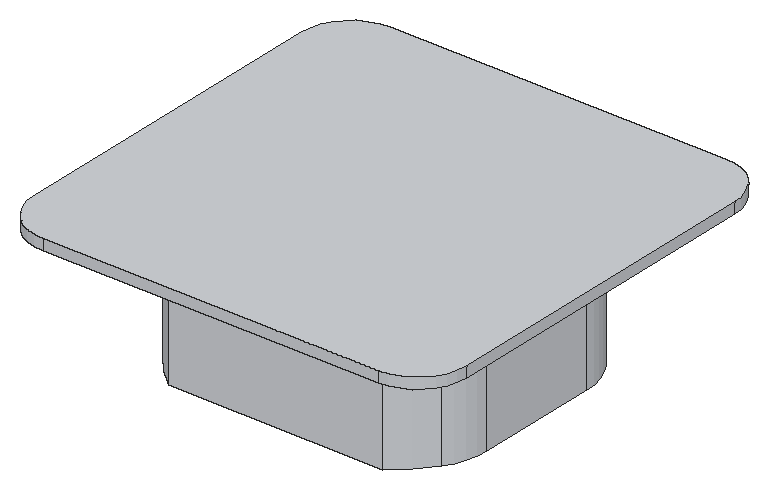
Revit family "Gira_004100", category Electrical Fixtures, host Face, Revit 2017
Family settings
  Host = Face
  Maintain Annotation Orientation = Yes
  Round Connector Dimension = Use Diameter
  Part Type = Normal
  Cut with Voids When Loaded = No
  Shared = No
  Room Calculation Point = No
Parameters (values of type "Antennensteckd. GEDU 10 Einsatz")
  URL = "http://katalog.gira.de/de_DE/datenblatt.html?artikelnr=004100"
  Region = "DE"
  Name = "Antennensteckd. GEDU 10 Einsatz"
  Manufacturer URL = "https://www.gira.de/"
  Keynote = "Einsatz_1fach"
  Kabelmodemtauglich = "Yes"
  HeinzeBIM = "https://bimportal.heinze.de/bim/antennensteckd-gedu-10-einsatz/a61ac10f4996d9e4e989a357b077ff69f232edc2"
  HAN = "004100"
  GTIN = "4010337041009"
  Frequenz = "4000000 - 2400000000"
  Fernspeisetauglich = "No"
  Durchgangsdämpfung bei 860 MHz = "0,25 B"
  Durchgangsdämpfung bei 2150 MHz = "0,25 B"
  Default Elevation = 1219.2 mm
  Data sheet (1) = "https://katalog.gira.de/de_DE/download.html?artikelnr=004100"
  Category = "Antennensteckdose"
  Available = "Yes"
  Ausführung = "Durchgangsdose"
  Anzahl der Auslässe = "2 "
  Anschlussdämpfung bei 860 MHz = "1 B"
  Anschlussdämpfung bei 2150 MHz = "1 B"
Reference planes
  plane 1 "Center (Front/Back)": y = 0
  plane 2: z = 0
  plane 3 "Center (Left/Right)": x = 0
Forms (mm)
  Extrusion 1, solid, detail levels fine
    sketch origin (0, 0, 0) x (1, 0, 0) y (0, 1, 0)
      loop
        line (27.475, 35.475) -> (-27.475, 35.475)
        arc (-27.475, 35.475) -> (-33.132, 33.132) -> (-35.475, 27.475) r 8
        line (-35.475, 27.475) -> (-35.475, -27.475)
        arc (-35.475, -27.475) -> (-33.132, -33.132) -> (-27.475, -35.475) r 8
        line (-27.475, -35.475) -> (27.475, -35.475)
        arc (27.475, -35.475) -> (33.132, -33.132) -> (35.475, -27.475) r 8
        line (35.475, -27.475) -> (35.475, 27.475)
        arc (35.475, 27.475) -> (33.132, 33.132) -> (27.475, 35.475) r 8
    from 0 to 1.8
  Extrusion 2, solid, detail levels fine
    sketch origin (0, 0, 0) x (1, 0, 0) y (0, 1, 0)
      loop
        line (9.678, 25.4) -> (-9.678, 25.4)
        arc (-9.678, 25.4) -> (-12.885, 24.922) -> (-15.814, 23.53) r 11
        arc (-15.814, 23.53) -> (-17.795, 22.07) -> (-19.641, 20.444) r 28.35
        arc (-19.641, 20.444) -> (-21.339, 18.665) -> (-22.876, 16.745) r 28.35
        arc (-22.876, 16.745) -> (-24.456, 13.666) -> (-25, 10.248) r 11
        line (-25, 10.248) -> (-25, -10.248)
        arc (-25, -10.248) -> (-24.456, -13.666) -> (-22.876, -16.745) r 11
        arc (-22.876, -16.745) -> (-20.409, -19.677) -> (-17.569, -22.25) r 28.35
        line (-17.569, -22.25) -> (17.569, -22.25)
        arc (17.569, -22.25) -> (20.409, -19.677) -> (22.876, -16.745) r 28.35
        arc (22.876, -16.745) -> (24.456, -13.666) -> (25, -10.248) r 11
        line (25, -10.248) -> (25, 10.248)
        arc (25, 10.248) -> (24.456, 13.666) -> (22.876, 16.745) r 11
        arc (22.876, 16.745) -> (21.593, 18.37) -> (20.195, 19.897) r 28.35
        arc (20.195, 19.897) -> (18.096, 21.823) -> (15.814, 23.53) r 28.35
        arc (15.814, 23.53) -> (12.885, 24.922) -> (9.678, 25.4) r 11
    from -22 to 0
  Extrusion 3, solid, detail levels medium
    sketch origin (0, 0, 0) x (1, 0, 0) y (0, 1, 0)
      loop
        line (-25, 25.4) -> (-25, -22.25) -> (25, -22.25) -> (25, 25.4) -> (-25, 25.4)
    from -22 to 0
  Extrusion 4, solid, detail levels coarse
    sketch origin (0, 0, 0) x (1, 0, 0) y (0, 1, 0)
      loop
        line (35.475, 35.475) -> (-35.475, 35.475) -> (-35.475, -35.475) -> (35.475, -35.475) -> (35.475, 35.475)
    from 0 to 1.8
  Extrusion 5, solid, detail levels medium
    sketch origin (0, 0, 0) x (1, 0, 0) y (0, 1, 0)
      loop
        line (35.475, 35.475) -> (-35.475, 35.475) -> (-35.475, -35.475) -> (35.475, -35.475) -> (35.475, 35.475)
    from -22 to 1.8
Dimensions and locks
  aligned and locked: plane 2 to host face
  aligned and locked: level to host face
  aligned and locked: plane 3 "Center (Left/Right)" to nested 1
  aligned and locked: plane 1 "Center (Front/Back)" to nested 1
Nested families
  nested 1: "RJ45-Datendose Beschriftung" at (0, 0, 0), type "RJ45-Datendose Beschriftung"
Connectors
  electrical at (0, 0, 0)
    settings: on Extrusion 4, index 1, voltage 220 V, apparent load 0 VA, apparent load phase1 0 VA, apparent load phase2 0 VA, apparent load phase3 0 VA, power factor 1, load classification "Other", number of poles 1, system type 30, power factor state 1, is connector primary yes, connector utility no, sub classification motor no, connector description ""
Definition of nested family "RJ45-Datendose Beschriftung"
  Reference planes
    plane 1: y = 0
    plane 2: x = 0
  Lines and regions (mm)
    Filled region 1, type "Gefüllter Bereich 1"
      outline origin (0, 0, 0) x (1, 0, 0) y (0, 1, 0)
        loop
          circle (0, 2.4) r 0.4
    detail lines
      curve 1: line (0, 0, 0) -> (0, 2, 0)
      curve 2: line (0, 2, 0) -> (1.2, 2, 0)
      curve 3: line (1.2, 2, 0) -> (1.2, 3.6, 0)
      curve 4: circle (0, 2.4, 0) r 0.4 normal (0, 0, 1)
      curve 5: line (0, 2, 0) -> (-1.2, 2, 0)
      curve 6: line (-1.2, 2, 0) -> (-1.2, 3.6, 0)
